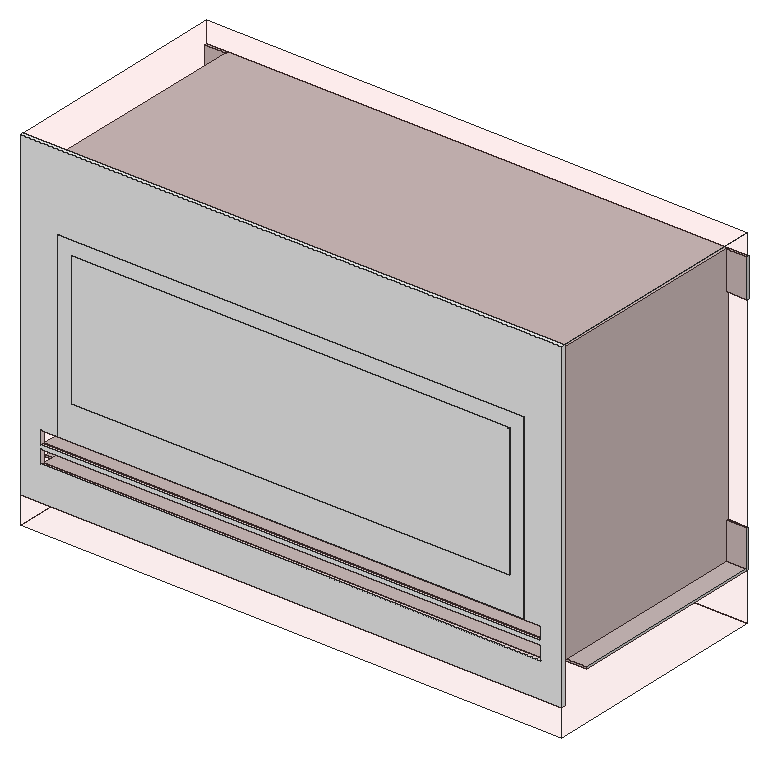
Revit family "Air-Curtain_Customer-Entry_PoweredAire_ECC", category Mechanical Equipment, host Face, Revit 2020
Family settings
  Host = Face
  Round Connector Dimension = Use Diameter
  Part Type = Normal
  OmniClass Number = 23.75.35.17.21
  OmniClass Title = Air Curtains
  Cut with Voids When Loaded = No
  Shared = No
  Room Calculation Point = No
Parameters
  Warranty Duration (Years) = 0
  Unit Width Notes = "Other Widths available."  # constant formula
  Unit Width = 3' - 3"
  Unit Weight = 0
  Unit Height = 1' - 4 3/4"
  Unit Depth = 1' - 11 1/4"
  URL = "http://www.poweredaire.com/"
  Test Data = ""
  Temperature Rise_Range = "as Specified"
  Standards Conformance = "as Specified"
  Specification = "http://www.arcat.com/sdspecs/htm04/23_34_33pai.htm"
  SpecWizard = ""
  Sound Pressure = "as Specified"
  Sales Information = "http://www.poweredaire.com/contact_us"
  Revision = "R1_2016-08"
  Projection from Host [instance] = 0' - 2"
  Product Properties = ""
  Product Data = "http://www.arcat.com/arcatcos/cos47/arc47623.html"
  Power Rating = 0 W
  Outlet Volume_Range = "as Specified"
  Outlet Velocity_Range = "as Specified"
  Nozzle Width = if(1 = 1, Unit Width - 0' 3", 0' 0")  # 3' - 0"
  Mounting Width = if(1 = 1, Unit Width - 0' 1 1/2", 0' 0")  # 3' - 1 1/2"
  Mounting Height [instance] = 3' - 6"
  Motor RPM = 0
  Motor HP = 0
  Motor Count = 0
  Model = "As Specified"
  Max Height = 0' - 0"
  Manufacturer Website = "http://www.poweredaire.com/"
  Manufacturer Phone - Toll Free = "888-321-2473"
  Manufacturer Phone = "724-588-3305"
  Manufacturer Fax = "724-588-3371"
  Manufacturer Address = "109 Mortensen Rd.  Greenville, PA 16125"
  Manufacturer = "Powered Aire, Inc"
  Maintenance Schedule (Months) = 0
  Keynote = "23 34 33"
  Installation-Fabrication = ""
  Installation Phase = ""
  Include Clearance [instance] = yes
  Heating Element Load = 0 W
  HVAC_Temperature Rise [instance] = 0 °F
  HVAC_Outlet Volume [instance] = 0 CFM
  HVAC_Outlet Velocity Uniformity = 0
  HVAC_Outlet Velocity [instance] = 0 FPM
  Green Building-LEED = "http://www.arcat.com/green/clients/leed_data_47623.html"
  Front Grating Material [instance] = Metal - Steel - PoweredAire - White Perforated
  Frame Finish [instance] = Metal - Steel - PoweredAire - Stainless 304
  Expected Lifespan (Years) = 0
  Electrical_Wattage [instance] = Power Rating + Heating Element Load  # 0 W
  Electrical_Voltage [instance] = 0 V
  Electrical_Phase [instance] = 1
  Electrical_Frequency [instance] = 0 Hz
  Electrical_Amperage [instance] = 0 A
  Drawn By = "Sumex Design, Inc. / Robert S. Weygant, CSI, CDT, SCIP"
  Description = "Powered Aire Air Curtain as Specified"
  Default Elevation = 0' - 0"  # constant formula
  Cover Finish [instance] = Metal - Steel - PoweredAire - White
  Copyright = "©Arcat Inc."
  Construction Details = "http://www.arcat.com/details/powair/prod3336.html"
  Clearance_Top [instance] = 0' - 0"
  Clearance_Side B [instance] = 0' - 0"
  Clearance_Side A [instance] = 0' - 0"
  Clearance_Intake [instance] = 0' - 0"
  Clearance_Front [instance] = 0' - 0"
  Clearance Material [instance] = ARCAT Clearance
  Building Codes = ""
  Available Options [instance] = "as Specified"
  Assembly Code = "D3090400"
Reference planes (in)
  plane 1 "Center (Elevation)": y = 8.51318
  plane 2: z = 0
  plane 3 "Center (Left/Right)": x = 0
  plane 4: y = 16.88818
  plane 5: y = 0.13818
  plane 6: x = -19.5
  plane 7: x = 19.5
  plane 8: z = 25.25
  plane 9 "FF": y = -41.86182
  plane 10: z = 2
  plane 11: x = 18
  plane 12: x = -18
  plane 13: y = 16.88818
  plane 14: y = 0.13818
  plane 15: x = -19.5
  plane 16: x = 19.5
  plane 17: z = 25.25
  plane 18: y = 0.38818
Forms (in)
  Extrusion 1, solid, material "ARCAT Clearance" <- "Clearance Material", visible <- "Include Clearance"
    sketch origin (0, 0, 0) x (0, 1, 0) y (0, 0, 1)
      loop
        line (0.13818, 25.25) -> (0.13818, 0) -> (16.88818, 0) -> (16.88818, 25.25) -> (0.13818, 25.25)
    from -19.5 to 19.5
  Extrusion 2, solid, material "Metal - Steel - PoweredAire - White" <- "Cover Finish"
    sketch origin (0, 8.51318, 0) x (1, 0, 0) y (0, 0, 1)
      loop
        line (-19.5, 25.25) -> (-19.5, 2) -> (19.5, 2) -> (19.5, 25.25) -> (-19.5, 25.25)
    from 8.125 to 8.375
  Extrusion 3, solid, material "Metal - Steel - PoweredAire - Stainless 304" <- "Frame Finish"
    sketch origin (0, 8.51318, 0) x (1, 0, 0) y (0, 0, 1)
      loop
        line (18, 23.75) -> (-18, 23.75) -> (-18, 3.5) -> (18, 3.5) -> (18, 23.75)
    from -8.375 to 8.125
  Extrusion 4, void
    sketch origin (0, 0, 0) x (0, 1, 0) y (0, 0, 1)
      loop
        line (0.13818, 5.5) -> (0.13818, 4.5) -> (1.88818, 4.5) -> (1.88818, 6.75) -> (0.13818, 6.75) -> (0.13818, 5.75) -> (1.63818, 5.75) -> (1.63818, 5.5) -> (0.13818, 5.5)
    from -18 to 18
  Extrusion 5, solid, material "Metal - Steel - PoweredAire - White" <- "Cover Finish"
    sketch origin (-11.83813, 0.13818, 48) x (-1, 0, 0) y (0, 0, 1)
      loop
        line (4.91187, -41.25) -> (4.91187, -28.25) -> (-28.58813, -28.25) -> (-28.58813, -41.25) -> (4.91187, -41.25)
    from 0 to -0.03125
  Extrusion 6, solid, material "Metal - Steel - PoweredAire - White Perforated" <- "Front Grating Material"
    sketch origin (-11.83813, 0.10693, 48) x (1, 0, 0) y (0, 0, 1)
      loop
        line (-3.91187, -29.25) -> (-3.91187, -38.75) -> (27.58813, -38.75) -> (27.58813, -29.25) -> (-3.91187, -29.25)
    from 0 to 0.03125
  Extrusion 7, solid, material "Metal - Steel - PoweredAire - Stainless 304" <- "Frame Finish"
    sketch origin (-15.17702, -180, 2) x (-1, 0, 0) y (0, -1, 0)
      loop
        line (-33.17702, -196.88818) -> (-33.17702, -182.38818) -> (-34.67702, -182.38818) -> (-34.67702, -196.88818) -> (-33.17702, -196.88818)
      loop
        line (2.82298, -196.88818) -> (4.32298, -196.88818) -> (4.32298, -182.38818) -> (2.82298, -182.38818) -> (2.82298, -196.88818)
    from 1.5 to 1.625
  Extrusion 8, solid, material "Metal - Steel - PoweredAire - Stainless 304" <- "Frame Finish"
    sketch origin (-11.83813, 16.88818, 48) x (-1, 0, 0) y (0, 0, 1)
      loop
        line (7.66187, -44.5) -> (7.66187, -41.75) -> (6.16187, -41.75) -> (6.16187, -44.5) -> (7.66187, -44.5)
      loop
        line (-31.33813, -44.5) -> (-29.83813, -44.5) -> (-29.83813, -41.75) -> (-31.33813, -41.75) -> (-31.33813, -44.5)
      loop
        line (7.66187, -27) -> (7.66187, -24.25) -> (6.16187, -24.25) -> (6.16187, -27) -> (7.66187, -27)
      loop
        line (-31.33813, -27) -> (-29.83813, -27) -> (-29.83813, -24.25) -> (-31.33813, -24.25) -> (-31.33813, -27)
    from 0 to -0.125
Cuts and joins
  Extrusion 4 cuts Extrusion 2
  Extrusion 4 cuts Extrusion 3
Dimensions and locks (in)
  equal spacing: plane 4, plane 1 "Center (Elevation)", plane 5
  "Unit Height": plane 4 to plane 5
  equal spacing: plane 6, plane 3 "Center (Left/Right)", plane 7
  "Unit Width": plane 6 to plane 7
  "Mounting Height": plane 5 to plane 9 "FF"
  "Projection from Host": plane 10 to level
  "Unit Depth": plane 8 to plane 10
  locked: plane 6 to plane 12 at 1.5
  locked: plane 11 to plane 7 at 1.5
  "Clearance_Side A": plane 7 to plane 16
  "Clearance_Side B": plane 15 to plane 6
  "Clearance_Top": plane 13 to plane 4
  "Clearance_Intake": plane 5 to plane 14
  "Clearance_Front": plane 17 to plane 8
  locked: plane 8 to Extrusion 3 sketch curve at 1.5
  locked: Extrusion 3 sketch curve to plane 10 at 1.5
  locked: plane 7 to Extrusion 3 sketch curve at 1.5
  locked: Extrusion 3 sketch curve to plane 6 at 1.5
  locked: plane 18 to plane 5 at 0.25
  Extrusion 4 sketch curve to Extrusion 4 sketch curve to Extrusion 4 sketch curve to Extrusion 4 sketch curve to plane 10 = 0' - 1" locked, 0' - 0 1/4" locked, 0' - 1" locked, 0' - 2 1/2" locked
  Extrusion 5 sketch curve to Extrusion 5 sketch curve to plane 10 = 1' - 1" locked, 0' - 4 3/4" locked
  locked: plane 11 to Extrusion 5 sketch curve at 1.25
  locked: Extrusion 5 sketch curve to plane 12 at 1.25
  Extrusion 6 sketch curve to Extrusion 6 sketch curve to plane 10 = 0' - 9 1/2" locked, 0' - 7 1/4" locked
  locked: Extrusion 6 sketch curve to plane 12 at 2.25
  locked: plane 11 to Extrusion 6 sketch curve at 2.25
  locked: plane 4 to Extrusion 7 sketch curve at 14.5  (x2)
  Extrusion 8 sketch curve to Extrusion 8 sketch curve to Extrusion 8 sketch curve to Extrusion 8 sketch curve to plane 10 = 0' - 2 3/4" locked, 1' - 2 3/4" locked, 0' - 2 3/4" locked, 0' - 1 1/2" locked  (x2)
  aligned and locked: plane 2 to host face
  aligned and locked: level to host face
  aligned and locked: Extrusion 1 sketch curve to plane 17
  aligned and locked: plane 14 to Extrusion 1 sketch curve
  aligned and locked: level to Extrusion 1 sketch curve
  aligned and locked: Extrusion 1 sketch curve to plane 13
  aligned and locked: plane 16 to Extrusion 1
  aligned and locked: Extrusion 1 to plane 15
  aligned and locked: Extrusion 2 sketch curve to plane 8
  aligned and locked: plane 6 to Extrusion 2 sketch curve
  aligned and locked: Extrusion 2 sketch curve to plane 10
  aligned and locked: Extrusion 2 sketch curve to plane 7
  aligned and locked: Extrusion 3 to plane 4
  aligned and locked: Extrusion 3 to plane 18
  aligned and locked: Extrusion 2 to plane 18
  aligned and locked: Extrusion 2 to plane 5
  aligned and locked: plane 11 to Extrusion 4
  aligned and locked: Extrusion 4 to plane 12
  aligned and locked: Extrusion 7 sketch curve to plane 4  (x2)
Automatic sketch dimensions
  host sketch curve to host sketch curve = 8' - 0"  (x2)
  Extrusion 4 sketch curve to plane 5 = 0' - 0"  (x2)
  plane 18 to Extrusion 4 sketch curve = 0' - 1 1/4"
  Extrusion 4 sketch curve to Extrusion 4 sketch curve = 0' - 0 1/4"
  Extrusion 7 sketch curve to plane 7 = 0' - 0"
  Extrusion 7 sketch curve to plane 11 = 0' - 0"
  Extrusion 7 sketch curve to plane 12 = 0' - 0"
  Extrusion 7 sketch curve to plane 6 = 0' - 0"
  Extrusion 8 sketch curve to plane 7 = 0' - 0"  (x2)
  Extrusion 8 sketch curve to plane 11 = 0' - 0"  (x2)
  Extrusion 8 sketch curve to plane 12 = 0' - 0"  (x2)
  Extrusion 8 sketch curve to plane 6 = 0' - 0"  (x2)
Connectors (in)
  electrical at (-18, 4.88818, 9.625), driven by "Electrical_Voltage", driven by "Electrical_Phase"
    settings: on cut or joined group of Extrusion 3, Extrusion 4, index 1, voltage 0 V, apparent load 0 VA, apparent load phase1 0 VA, apparent load phase2 0 VA, apparent load phase3 0 VA, power factor 1, load classification "Other", number of poles 1, system type 31, power factor state 1, is connector primary yes, connector utility no, sub classification motor no, connector description ""
